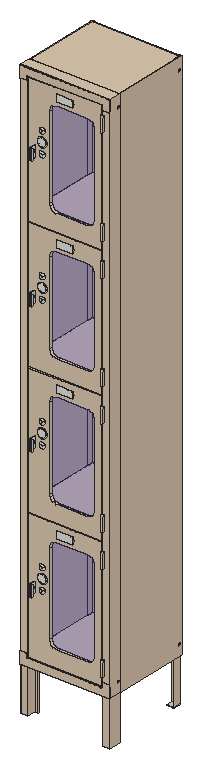
Revit family "Metal_Lockers-Salsbury_Industries-S_64000_Series-1_Wide_Units", category Specialty Equipment, Revit 2016
Family settings
  Part Type = Normal
  Round Connector Dimension = Use Diameter
  OmniClass Number = 23.40.00.00
  OmniClass Title = Equipment and Furnishings
  Work Plane-Based = No
  Always vertical = Yes
  Cut with Voids When Loaded = No
  Shared = No
  Room Calculation Point = No
Parameters (values of type "S-64162 - with Standard 6" High Legs")
  Zee Base Corner - Right Side [instance] = Metal Locker Zee Base Corner : None
  Zee Base Corner - Left Side [instance] = Metal Locker Zee Base Corner : None
  Zee Base - Right Side [instance] = Metal Locker Zee Base-Right Side : None
  Zee Base - Left Side [instance] = Metal Locker Zee Base-Left Side : None
  Zee Base = Metal Locker Zee Base : None
  Window Panel Material = Polycarbonate - Salsbury Finish - Clear
  Width = 12.040"
  Version = "3.0 (03/30/18)"
  Unit Height including Sloping Hood Only [instance] = 78.625"
  Unit Height = 72.000"
  URL = "www.lockers.com"
  Type Comments = "See-Through Metal Locker - Four Tier"
  Total Door(s) Height [instance] = 69.81949"
  Sloping Top In-Line Filler - Right Side [instance] = Metal Locker Sloping Top Filler : None
  Sloping Top In-Line Filler - Left Side [instance] = Metal Locker Sloping Top Filler : None
  Sloping Top Corner Filler - Right Side [instance] = Metal Locker Sloping Corner Filler : None
  Sloping Top Corner Filler - Left Side [instance] = Metal Locker Sloping Corner Filler : None
  Sloping Hood Height = if(Depth = 12.010", 6.625", if(Depth = 15.010", 8.682", if(Depth = 18.010", 10.739", 0.000")))  # 6.625"
  Sloping Hood [instance] = Metal Locker Sloping Hood : None
  Right Side Base [instance] = Metal Locker Right Side Base : None
  Primary Structure Material [instance] = Paint - Salsbury Finish - Tan
  Overall Width including Rivets [instance] = 12.120"
  Unit Height including Base Only [instance] = 78.000"
  Overall Unit Height (including Base and Sloping Hood) [instance] = 84.625"
  OmniClass 23 Title = "Equipment and Furnishings"
  OmniClass 23 Number = "23.40.00.00"
  Model = "S-64162"
  MasterFormat Title = "Lockers"
  MasterFormat Number = "10 51 13"
  Manufacturer = "Salsbury Industries"
  Left Side Base [instance] = Metal Locker Left Side Base : None
  Individual Door Height = 17.360"
  Hasp Plate Rivet Material = Steel -Salsbury Finish - Polished Steel
  Hasp Handle Material = Plastic - Salsbury Finish - Black
  Front Vertical Filler - Right [instance] = Metal Locker Front Filler : None
  Front Vertical Filler - Left [instance] = Metal Locker Front Filler : None
  Front Base [instance] = Metal Locker Front Base : None
  Flat Top In-Line Filler - Right Side [instance] = Metal Locker Flat Top Filler : None
  Flat Top In-Line Filler - Left Side [instance] = Metal Locker Flat Top Filler : None
  Flat Top Corner Filler - Right Side [instance] = Metal Locker Flat Corner Filler : None
  Flat Top Corner Filler - Left Side [instance] = Metal Locker Flat Corner Filler : None
  Individual Door Width [instance] = 9.90055"
  End Panel - Right Side [instance] = Metal Locker End Panel : None
  End Panel - Left Side [instance] = Metal Locker End Panel : None
  Door Window Width [instance] = 6.000"
  Door Window Offset = if(Unit Height = 72.000", 3.270", if(Unit Height = 60.000", 3.270", 0.000"))  # 3.270"
  Door Window Height = if(Unit Height = 72.000", 13.000", if(Unit Height = 60.000", 10.000", 0.000"))  # 13.000"
  Door Location D1 = See-Through Metal Locker Doors-12 inch with Latch Hasps : Four Tier Door - 6 foot
  Description = "1 Wide - 6 Feet High - 12 Inches Deep"
  Depth = 12.010"
  Compartment Divider Height = Individual Door Height - 0.375"  # 16.985"
  Base Height = 6.000"
  Standard Leg Base = Metal Locker Legs : 6" High - 12" W x 12" D
  Assembly Code = "C1030310"
Reference planes (in)
  plane 1 "Center (Front/Back)": y = 0
  plane 2: z = 0
  plane 3 "Center (Left/Right)": x = 0
  plane 4 "Floor": z = 0
  plane 5 "Bottom of Unit": z = 6
  plane 6 "Top of Unit": z = 78
  plane 7 "Left Side of Unit": x = -6.02
  plane 8 "Right Side of Unit": x = 6.02
  plane 9 "Back of Unit": y = 6.005
  plane 10 "Front of Unit": y = -6.005
  plane 11 "Top of Sloping Hood": z = 84.625
  plane 12 "Left Rivet": x = -6.06
  plane 13 "Right Rivet": x = 6.06
  plane 14 "Right Side of Door Opening": x = 5.02
  plane 15 "Left Side of Door Opening": x = -5.02
  plane 16 "Top of Door Opening": z = 77
  plane 17 "Bottom of Door Opening": z = 7
  plane 18 "Back Edge of Front Facing": y = -4.417
  plane 19 "Front Plate Plane": y = -6.065
  plane 20 "Horizontal Center of Top Rivets": z = 76.5
  plane 21 "Horiz Center of Bottom Rivets": z = 7.5
  plane 22 "Vertical Center of Back Rivets": y = 5.505
  plane 23 "Vertical Center of Front Rivets": y = -4.755
  plane 24 "Right Align Top Filler Overlap": x = 5.435
  plane 25 "Left Align Top Filler Overlap": x = -5.435
  plane 26 "Corner Filler Align-Left": x = -6.08
  plane 27 "Corner Filler Align-Right": x = 6.08
  plane 28 "Left Side of Door": x = -4.95029
  plane 29 "Right Side of Door": x = 4.95026
  plane 30 "Top of Door 1": z = 76.90976
  plane 31 "Bottom of Bottom Door": z = 7.09027
  plane 32 "Zee Base Offset": x = -5.669
  plane 33: x = 5.669
  plane 34 "Compartment Align 3": z = 24.985
  plane 35: x = -5.96
  plane 36: x = 5.96
  plane 37: x = -5.635
  plane 38: x = 5.635
  plane 39: y = 5.945
  plane 40: y = 5.895
  plane 41: y = 5.145
  plane 42: x = -5.9
  plane 43: x = 5.9
  plane 44: x = -5.095
  plane 45: x = 5.095
  plane 46: z = 77.94
  plane 47: z = 24.925
  plane 48: z = 23.985
  plane 49: z = 6.9204
  plane 50: z = 6.18539
  plane 51: z = 76.40796
  plane 52: z = 7.59204
  plane 53: z = 23.985
  plane 54: z = 24.45027
  plane 55: z = 24.57576
  plane 56: z = 41.93576
  plane 57: z = 42.06276
  plane 58: z = 41.43527
  plane 59: z = 42.37527
  plane 60 "Compartment Align 2": z = 42.43527
  plane 61: z = 53.72076
  plane 62: z = 59.42276
  plane 63: z = 59.54976
  plane 64: z = 58.92076
  plane 65: z = 59.86076
  plane 66 "Compartment Align 1": z = 59.92076
  plane 67: z = 71.20625
  plane 68: x = -2.04974
  plane 69: x = 3.95026
  plane 70: z = 22.27
  plane 71: z = 9.27
Forms (in)
  Sweep 1, solid, material "Paint - Salsbury Finish - Tan" <- "Primary Structure Material"
    path origin (0, -6.005, 0) x (1, 0, 0) y (0, 0, 1)
      loop
        line (-6.02, 78) -> (-6.02, 6) -> (6.02, 6) -> (6.02, 78) -> (-6.02, 78)
    profile origin (0, -6.005, 78) x (0, 0, 1) y (0, -1, 0)
      loop
        line (0, 0) -> (-1, 0) -> (-1, -1.588) -> (0, -1.588) -> (0, 0)
  Extrusion 2, solid, material "Paint - Salsbury Finish - Tan" <- "Primary Structure Material"
    sketch origin (0, 0, 6) x (0, -1, 0) y (1, 0, 0)
      loop
        line (4.417, 6.02) -> (-6.005, 6.02) -> (-6.005, 5.635) -> (-5.945, 5.635) -> (-5.945, 5.96) -> (4.417, 5.96) -> (4.417, 6.02)
    from 0 to 72
  Extrusion 3, solid, material "Paint - Salsbury Finish - Tan" <- "Primary Structure Material"
    sketch origin (0, 0, 6) x (0, -1, 0) y (1, 0, 0)
      loop
        line (4.417, -6.02) -> (4.417, -5.96) -> (-5.945, -5.96) -> (-5.945, -5.635) -> (-6.005, -5.635) -> (-6.005, -6.02) -> (4.417, -6.02)
    from 0 to 72
  Extrusion 4, solid, material "Paint - Salsbury Finish - Tan" <- "Primary Structure Material"
    sketch origin (0, 0, 6) x (0, -1, 0) y (1, 0, 0)
      loop
        line (-5.945, -5.96) -> (-5.145, -5.96) -> (-5.145, -5.9) -> (-5.895, -5.9) -> (-5.895, 5.9) -> (-5.145, 5.9) -> (-5.145, 5.96) -> (-5.945, 5.96) -> (-5.945, -5.96)
    from 0 to 72
  Sweep 5, solid, material "Paint - Salsbury Finish - Tan" <- "Primary Structure Material"
    path origin (0, 0, 7) x (0, -1, 0) y (1, 0, 0)
      loop
        line (4.417, -5.96) -> (4.417, 5.96) -> (-5.145, 5.96) -> (-5.145, 5.9) -> (-5.895, 5.9) -> (-5.895, -5.9) -> (-5.145, -5.9) -> (-5.145, -5.96) -> (4.417, -5.96)
    profile origin (-5.96, 0.364, 7) x (-1, 0, 0) y (0, 0, 1)
      loop
        line (0, -0.81461) -> (0, -0.0796) -> (-0.06, -0.0796) -> (-0.06, -0.81461) -> (0, -0.81461)
  Extrusion 6, solid, material "Paint - Salsbury Finish - Tan" <- "Primary Structure Material"
    sketch origin (0, 0, 7) x (0, -1, 0) y (1, 0, 0)
      loop
        line (-5.895, -5.9) -> (-5.145, -5.9) -> (-5.145, -5.96) -> (4.417, -5.96) -> (4.417, 5.96) -> (-5.145, 5.96) -> (-5.145, 5.9) -> (-5.895, 5.9) -> (-5.895, -5.9)
    from -0.0796 to 0
  Extrusion 7, solid, material "Paint - Salsbury Finish - Tan" <- "Primary Structure Material"
    sketch origin (0, 0, 78) x (0, -1, 0) y (1, 0, 0)
      loop
        line (-5.895, -5.9) -> (-5.145, -5.9) -> (-5.145, -5.96) -> (4.417, -5.96) -> (4.417, 5.96) -> (-5.145, 5.96) -> (-5.145, 5.9) -> (-5.895, 5.9) -> (-5.895, -5.9)
    from -0.06 to 0
  Extrusion 8, solid, material "Paint - Salsbury Finish - Tan" <- "Primary Structure Material"
    sketch origin (0, -6.065, 0) x (0, 0, -1) y (1, 0, 0)
      loop
        line (-78, -6.02) -> (-76.47656, -6.02)
        arc (-76.47656, -6.02) -> (-76.42806, -5.99991) -> (-76.40796, -5.9514) r 0.0686
        line (-76.40796, -5.9514) -> (-76.40796, -5.16351)
        arc (-76.40796, -5.16351) -> (-76.42809, -5.11506) -> (-76.47656, -5.095) r 0.0686
        line (-76.47656, -5.095) -> (-77, -5.095) -> (-77, 5.095) -> (-76.47656, 5.095)
        arc (-76.47656, 5.095) -> (-76.42809, 5.11506) -> (-76.40796, 5.16351) r 0.0686
        line (-76.40796, 5.16351) -> (-76.40796, 5.9514)
        arc (-76.40796, 5.9514) -> (-76.42806, 5.99991) -> (-76.47656, 6.02) r 0.0686
        line (-76.47656, 6.02) -> (-78, 6.02) -> (-78, -6.02)
    from -0.06 to 0
  Extrusion 9, solid, material "Paint - Salsbury Finish - Tan" <- "Primary Structure Material"
    sketch origin (0, -6.065, 84) x (0, 0, 1) y (-1, 0, 0)
      loop
        line (-78, 6.02) -> (-78, -6.02) -> (-76.47656, -6.02)
        arc (-76.47656, -6.02) -> (-76.42806, -5.99991) -> (-76.40796, -5.9514) r 0.0686
        line (-76.40796, -5.9514) -> (-76.40796, -5.16351)
        arc (-76.40796, -5.16351) -> (-76.42809, -5.11506) -> (-76.47656, -5.095) r 0.0686
        line (-76.47656, -5.095) -> (-77, -5.095) -> (-77, 5.095) -> (-76.47656, 5.095)
        arc (-76.47656, 5.095) -> (-76.42809, 5.11506) -> (-76.40796, 5.16351) r 0.0686
        line (-76.40796, 5.16351) -> (-76.40796, 5.9514)
        arc (-76.40796, 5.9514) -> (-76.42806, 5.99991) -> (-76.47656, 6.02) r 0.0686
        line (-76.47656, 6.02) -> (-78, 6.02)
    from -0.06 to 0
  Blend 10, solid, material "Steel -Salsbury Finish - Polished Steel" <- "Hasp Plate Rivet Material"
    base sketch origin (6.02, 0, 0) x (0, 0, -1) y (0, -1, 0)
      loop
        circle (-76.5, 4.755) r 0.187
    top sketch origin (6.02, 0, 0) x (0, 0, -1) y (0, -1, 0)
      loop
        circle (-76.5, 4.755) r 0.05319
    from 0 to -0.04
  Blend 11, solid, material "Steel -Salsbury Finish - Polished Steel" <- "Hasp Plate Rivet Material"
    base sketch origin (6.02, 0, -69) x (0, 0, -1) y (0, -1, 0)
      loop
        circle (-76.5, 4.755) r 0.187
    top sketch origin (6.02, 0, -69) x (0, 0, -1) y (0, -1, 0)
      loop
        circle (-76.5, 4.755) r 0.05319
    from 0 to -0.04
  Blend 12, solid, material "Steel -Salsbury Finish - Polished Steel" <- "Hasp Plate Rivet Material"
    base sketch origin (6.02, 10.26, -69) x (0, 0, -1) y (0, -1, 0)
      loop
        circle (-76.5, 4.755) r 0.187
    top sketch origin (6.02, 10.26, -69) x (0, 0, -1) y (0, -1, 0)
      loop
        circle (-76.5, 4.755) r 0.05319
    from 0 to -0.04
  Blend 13, solid, material "Steel -Salsbury Finish - Polished Steel" <- "Hasp Plate Rivet Material"
    base sketch origin (6.02, 10.26, 0.0043) x (0, 0, -1) y (0, -1, 0)
      loop
        circle (-76.5, 4.755) r 0.187
    top sketch origin (6.02, 10.26, 0.0043) x (0, 0, -1) y (0, -1, 0)
      loop
        circle (-76.5, 4.755) r 0.05319
    from 0 to -0.04
  Blend 14, solid, material "Steel -Salsbury Finish - Polished Steel" <- "Hasp Plate Rivet Material"
    base sketch origin (-6.02, 0, -69) x (0, 0, -1) y (0, 1, 0)
      loop
        circle (-76.5, -4.755) r 0.187
    top sketch origin (-6.02, 0, -69) x (0, 0, -1) y (0, 1, 0)
      loop
        circle (-76.5, -4.755) r 0.05319
    from 0 to -0.04
  Blend 15, solid, material "Steel -Salsbury Finish - Polished Steel" <- "Hasp Plate Rivet Material"
    base sketch origin (-6.02, 10.26, -69) x (0, 0, -1) y (0, 1, 0)
      loop
        circle (-76.5, -4.755) r 0.187
    top sketch origin (-6.02, 10.26, -69) x (0, 0, -1) y (0, 1, 0)
      loop
        circle (-76.5, -4.755) r 0.05319
    from 0 to -0.04
  Blend 16, solid, material "Steel -Salsbury Finish - Polished Steel" <- "Hasp Plate Rivet Material"
    base sketch origin (-6.02, 0, 0) x (0, 0, -1) y (0, 1, 0)
      loop
        circle (-76.5, -4.755) r 0.187
    top sketch origin (-6.02, 0, 0) x (0, 0, -1) y (0, 1, 0)
      loop
        circle (-76.5, -4.755) r 0.05319
    from 0 to -0.04
  Blend 17, solid, material "Steel -Salsbury Finish - Polished Steel" <- "Hasp Plate Rivet Material"
    base sketch origin (-6.02, 10.26, 0.00039) x (0, 0, -1) y (0, 1, 0)
      loop
        circle (-76.5, -4.755) r 0.187
    top sketch origin (-6.02, 10.26, 0.00039) x (0, 0, -1) y (0, 1, 0)
      loop
        circle (-76.5, -4.755) r 0.05319
    from 0 to -0.04
  Extrusion 18, solid, material "Paint - Salsbury Finish - Tan" <- "Primary Structure Material"
    sketch origin (0, 0, 24.985) x (0, -1, 0) y (1, 0, 0)
      loop
        line (-5.895, -5.9) -> (-5.145, -5.9) -> (-5.145, -5.96) -> (4.417, -5.96) -> (4.417, 5.96) -> (-5.145, 5.96) -> (-5.145, 5.9) -> (-5.895, 5.9) -> (-5.895, -5.9)
    from -0.06 to 0
  Sweep 19, solid, material "Paint - Salsbury Finish - Tan" <- "Primary Structure Material"
    path origin (0, 0, 24.985) x (0, -1, 0) y (1, 0, 0)
      loop
        line (4.417, -5.96) -> (4.417, 5.96) -> (-5.145, 5.96) -> (-5.145, 5.9) -> (-5.895, 5.9) -> (-5.895, -5.9) -> (-5.145, -5.9) -> (-5.145, -5.96) -> (4.417, -5.96)
    profile origin (-5.96, 0.364, 24.985) x (-1, 0, 0) y (0, 0, 1)
      loop
        line (0, -1) -> (0, -0.06) -> (-0.06, -0.06) -> (-0.06, -1) -> (0, -1)
  Extrusion 20, solid, material "Paint - Salsbury Finish - Tan" <- "Primary Structure Material"
    sketch origin (0, 0, 54.72076) x (0, -1, 0) y (1, 0, 0)
      loop
        line (-5.895, -5.9) -> (-5.145, -5.9) -> (-5.145, -5.96) -> (4.417, -5.96) -> (4.417, 5.96) -> (-5.145, 5.96) -> (-5.145, 5.9) -> (-5.895, 5.9) -> (-5.895, -5.9)
    from -12.34549 to -12.28549
  Sweep 21, solid, material "Paint - Salsbury Finish - Tan" <- "Primary Structure Material"
    path origin (0, 0, 42.43527) x (0, -1, 0) y (1, 0, 0)
      loop
        line (4.417, -5.96) -> (4.417, 5.96) -> (-5.145, 5.96) -> (-5.145, 5.9) -> (-5.895, 5.9) -> (-5.895, -5.9) -> (-5.145, -5.9) -> (-5.145, -5.96) -> (4.417, -5.96)
    profile origin (-5.96, 0.364, 42.43527) x (-1, 0, 0) y (0, 0, 1)
      loop
        line (0, -1) -> (0, -0.06) -> (-0.06, -0.06) -> (-0.06, -1) -> (0, -1)
  Extrusion 22, solid, material "Paint - Salsbury Finish - Tan" <- "Primary Structure Material"
    sketch origin (0, 0, 59.92076) x (0, -1, 0) y (1, 0, 0)
      loop
        line (-5.895, -5.9) -> (-5.145, -5.9) -> (-5.145, -5.96) -> (4.417, -5.96) -> (4.417, 5.96) -> (-5.145, 5.96) -> (-5.145, 5.9) -> (-5.895, 5.9) -> (-5.895, -5.9)
    from -0.06 to 0
  Sweep 23, solid, material "Paint - Salsbury Finish - Tan" <- "Primary Structure Material"
    path origin (0, 0, 59.92076) x (0, -1, 0) y (1, 0, 0)
      loop
        line (4.417, -5.96) -> (4.417, 5.96) -> (-5.145, 5.96) -> (-5.145, 5.9) -> (-5.895, 5.9) -> (-5.895, -5.9) -> (-5.145, -5.9) -> (-5.145, -5.96) -> (4.417, -5.96)
    profile origin (-5.96, 0.364, 59.92076) x (-1, 0, 0) y (0, 0, 1)
      loop
        line (0, -1) -> (0, -0.06) -> (-0.06, -0.06) -> (-0.06, -1) -> (0, -1)
Lines and regions (in)
  reference lines
    curve 1: line (-29.59242, -6.065, 78) -> (36.15758, -6.065, 78)
  symbolic lines
    curve 2: line (-6.02, 6.005, 78) -> (6.02, 6.005, 78)
    curve 3: line (-6.02, -6.065, 78) -> (-6.02, 6.005, 78)
    curve 4: line (6.02, -6.065, 78) -> (-6.02, -6.065, 78)
    curve 5: line (6.02, 6.005, 78) -> (6.02, -6.065, 78)
    curve 6: line (-6.06, -4.80819, 78) -> (-6.02, -4.91809, 78)
    curve 7: line (-6.02, -4.58043, 78) -> (-6.06, -4.70181, 78)
    curve 8: line (-6.06, -4.80819, 78) -> (-6.06, -4.70181, 78)
    curve 9: line (-6.06, 5.45181, 78) -> (-6.02, 5.31077, 78)
    curve 10: line (-6.06, 5.55819, 78) -> (-6.02, 5.68474, 78)
    curve 11: line (-6.06, 5.55819, 78) -> (-6.06, 5.45181, 78)
    curve 12: line (6.06, 5.55819, 78) -> (6.02, 5.70747, 78)
    curve 13: line (6.06, 5.45181, 78) -> (6.02, 5.3179, 78)
    curve 14: line (6.06, 5.55819, 78) -> (6.06, 5.45181, 78)
    curve 15: line (6.06, -4.70181, 78) -> (6.02, -4.57098, 78)
    curve 16: line (6.06, -4.80819, 78) -> (6.02, -4.94769, 78)
    curve 17: line (6.06, -4.70181, 78) -> (6.06, -4.80819, 78)
Dimensions and locks (in)
  equal spacing: plane 7 "Left Side of Unit", plane 3 "Center (Left/Right)", plane 8 "Right Side of Unit"
  "Width": plane 7 "Left Side of Unit" to plane 8 "Right Side of Unit"
  "Base Height": plane 5 "Bottom of Unit" to plane 4 "Floor"
  "Unit Height": plane 6 "Top of Unit" to plane 5 "Bottom of Unit"
  "Unit Height including Base Only": plane 6 "Top of Unit" to plane 4 "Floor"
  equal spacing: plane 10 "Front of Unit", plane 1 "Center (Front/Back)", plane 9 "Back of Unit"
  "Depth": plane 10 "Front of Unit" to plane 9 "Back of Unit"
  "Sloping Hood Height": plane 11 "Top of Sloping Hood" to plane 6 "Top of Unit"
  "Overall Unit Height (including Base and Sloping Hood)": plane 11 "Top of Sloping Hood" to plane 4 "Floor"
  locked: plane 12 "Left Rivet" to plane 7 "Left Side of Unit" at 0.04
  locked: plane 8 "Right Side of Unit" to plane 13 "Right Rivet" at 0.04
  "Overall Width including Rivets": plane 12 "Left Rivet" to plane 13 "Right Rivet"
  plane 6 "Top of Unit" to plane 16 "Top of Door Opening" to plane 30 "Top of Door 1" to plane 51 = 1.000" locked, 0.09024", 0.5018"
  plane 52 to plane 31 "Bottom of Bottom Door" to plane 17 "Bottom of Door Opening" to plane 5 "Bottom of Unit" = 0.50177", 0.09027", 1.000" locked
  plane 7 "Left Side of Unit" to plane 15 "Left Side of Door Opening" to plane 28 "Left Side of Door" = 1.000" locked, 0.06971"
  plane 29 "Right Side of Door" to plane 14 "Right Side of Door Opening" to plane 8 "Right Side of Unit" = 0.06974", 1.000" locked
  plane 19 "Front Plate Plane" to plane 10 "Front of Unit" to plane 18 "Back Edge of Front Facing" = 0.060" locked, 1.588" locked
  "Unit Height including Sloping Hood Only": plane 11 "Top of Sloping Hood" to plane 5 "Bottom of Unit"
  locked: plane 20 "Horizontal Center of Top Rivets" to plane 6 "Top of Unit" at 1.5
  locked: plane 5 "Bottom of Unit" to plane 21 "Horiz Center of Bottom Rivets" at 1.5
  locked: plane 22 "Vertical Center of Back Rivets" to plane 9 "Back of Unit" at 0.5
  locked: plane 10 "Front of Unit" to plane 23 "Vertical Center of Front Rivets" at 1.25
  locked: plane 24 "Right Align Top Filler Overlap" to plane 13 "Right Rivet" at 0.625
  locked: plane 12 "Left Rivet" to plane 25 "Left Align Top Filler Overlap" at 0.625
  locked: plane 8 "Right Side of Unit" to plane 27 "Corner Filler Align-Right" at 0.06
  locked: plane 26 "Corner Filler Align-Left" to plane 7 "Left Side of Unit" at 0.06
  "Individual Door Width": plane 28 "Left Side of Door" to plane 29 "Right Side of Door"
  "Total Door(s) Height": plane 30 "Top of Door 1" to plane 31 "Bottom of Bottom Door"
  plane 7 "Left Side of Unit" to plane 32 "Zee Base Offset" = 0.351"
  plane 33 to plane 8 "Right Side of Unit" = 0.351"
  plane 34 "Compartment Align 3" to plane 47 to plane 53 = 0.060" locked, 0.940" locked
  plane 7 "Left Side of Unit" to plane 35 to plane 42 to plane 37 = 0.060" locked, 0.060" locked, 0.265" locked
  plane 38 to plane 43 to plane 36 to plane 8 "Right Side of Unit" = 0.265" locked, 0.060", 0.060"
  plane 41 to plane 40 to plane 39 to plane 9 "Back of Unit" = 0.750" locked, 0.050", 0.060"
  locked: plane 7 "Left Side of Unit" to plane 44 at 0.925
  locked: plane 45 to plane 8 "Right Side of Unit" at 0.925
  locked: plane 6 "Top of Unit" to plane 46 at 0.06
  plane 47 to plane 48 = 0.940"
  locked: plane 17 "Bottom of Door Opening" to plane 49 at 0.0796
  plane 49 to plane 50 = 0.73501"
  "Compartment Divider Height": plane 53 to plane 17 "Bottom of Door Opening"
  "Individual Door Height": plane 54 to plane 31 "Bottom of Bottom Door"
  locked: plane 55 to plane 54 at 0.12549
  locked: plane 57 to plane 56 at 0.127
  "Individual Door Height": plane 56 to plane 55
  plane 60 "Compartment Align 2" to plane 59 to plane 58 = 0.060" locked, 0.940" locked
  locked: plane 63 to plane 62 at 0.127
  "Individual Door Height": plane 62 to plane 57
  "Compartment Divider Height": plane 58 to plane 54
  "Compartment Divider Height": plane 64 to plane 56
  plane 66 "Compartment Align 1" to plane 65 to plane 64 = 0.060", 0.940"
  "Door Window Width": plane 68 to plane 69
  "Door Window Height": plane 70 to plane 71
  "Door Window Offset": plane 71 to plane 5 "Bottom of Unit"
  aligned and locked: level to plane 2
  aligned and locked: Extrusion 2 to plane 6 "Top of Unit"
  aligned and locked: Extrusion 3 to plane 6 "Top of Unit"
  aligned and locked: Extrusion 4 to plane 6 "Top of Unit"
  aligned and locked: Extrusion 8 to plane 10 "Front of Unit"
  aligned and locked: Extrusion 9 to plane 10 "Front of Unit"
  aligned and locked: Extrusion 6 to plane 17 "Bottom of Door Opening"
  aligned and locked: plane 4 "Floor" to nested 2
  aligned and locked: plane 5 "Bottom of Unit" to Extrusion 9
  aligned and locked: plane 8 "Right Side of Unit" to nested 6
  aligned and locked: plane 7 "Left Side of Unit" to nested 7
  aligned and locked: Blend 10 to plane 13 "Right Rivet"
  aligned and locked: plane 8 "Right Side of Unit" to Blend 10
  aligned and locked: Blend 15 to plane 7 "Left Side of Unit"
  aligned and locked: Blend 14 to plane 7 "Left Side of Unit"  (x2)
  aligned and locked: plane 12 "Left Rivet" to Blend 14
  aligned and locked: plane 12 "Left Rivet" to Blend 15
  aligned and locked: Blend 14 to plane 12 "Left Rivet"
  aligned and locked: Blend 17 to plane 7 "Left Side of Unit"
  aligned and locked: plane 12 "Left Rivet" to Blend 17
  aligned and locked: Blend 16 to plane 7 "Left Side of Unit"
  aligned and locked: plane 12 "Left Rivet" to Blend 16
  aligned and locked: plane 5 "Bottom of Unit" to nested 10
  aligned and locked: plane 13 "Right Rivet" to nested 10
  aligned and locked: plane 12 "Left Rivet" to nested 11
  aligned and locked: nested 11 to plane 10 "Front of Unit"
  aligned and locked: plane 13 "Right Rivet" to nested 12
  aligned and locked: plane 10 "Front of Unit" to nested 12
  aligned and locked: plane 6 "Top of Unit" to nested 12
  aligned and locked: plane 12 "Left Rivet" to nested 13
  aligned and locked: plane 10 "Front of Unit" to nested 13
  aligned and locked: plane 6 "Top of Unit" to nested 13
  aligned and locked: plane 6 "Top of Unit" to nested 14
  aligned and locked: nested 14 to plane 19 "Front Plate Plane"
  aligned and locked: nested 14 to plane 24 "Right Align Top Filler Overlap"
  aligned and locked: nested 15 to plane 25 "Left Align Top Filler Overlap"
  aligned and locked: nested 15 to plane 19 "Front Plate Plane"
  aligned and locked: nested 10 to nested 15
  aligned and locked: plane 19 "Front Plate Plane" to nested 16
  aligned and locked: plane 6 "Top of Unit" to nested 16
  aligned and locked: nested 17 to plane 6 "Top of Unit"
  aligned and locked: nested 17 to plane 19 "Front Plate Plane"
  aligned and locked: plane 19 "Front Plate Plane" to nested 18
  aligned and locked: nested 19 to plane 24 "Right Align Top Filler Overlap"
  aligned and locked: nested 19 to plane 19 "Front Plate Plane"
  aligned and locked: plane 16 "Top of Door Opening" to nested 19
  aligned and locked: nested 20 to plane 16 "Top of Door Opening"
  aligned and locked: nested 20 to plane 25 "Left Align Top Filler Overlap"
  aligned and locked: nested 20 to plane 19 "Front Plate Plane"
  aligned and locked: nested 11 to plane 6 "Top of Unit"
  aligned and locked: plane 10 "Front of Unit" to nested 10
  aligned and locked: plane 10 "Front of Unit" to nested 23
  aligned and locked: plane 10 "Front of Unit" to nested 1
  aligned and locked: plane 10 "Front of Unit" to nested 2
  aligned and locked: plane 6 "Top of Unit" to nested 18
  aligned and locked: plane 7 "Left Side of Unit" to nested 17
  aligned and locked: plane 32 "Zee Base Offset" to nested 9
  aligned and locked: plane 18 "Back Edge of Front Facing" to nested 9
  aligned and locked: nested 8 to plane 18 "Back Edge of Front Facing"
  aligned and locked: plane 33 to nested 8
  aligned and locked: plane 8 "Right Side of Unit" to nested 21
  aligned and locked: nested 22 to plane 7 "Left Side of Unit"
  aligned and locked: nested 22 to curve 1
  aligned and locked: nested 21 to curve 1
  aligned and locked: Sweep 19 sketch curve to Extrusion 18
  aligned and locked: plane 7 "Left Side of Unit" to Extrusion 3
  aligned and locked: Extrusion 3 to plane 9 "Back of Unit"
  aligned and locked: Extrusion 2 to plane 8 "Right Side of Unit"
  aligned and locked: Extrusion 2 to plane 9 "Back of Unit"
  aligned and locked: plane 18 "Back Edge of Front Facing" to Extrusion 3
  aligned and locked: plane 18 "Back Edge of Front Facing" to Extrusion 2
  aligned and locked: plane 35 to Extrusion 3
  aligned and locked: plane 36 to Extrusion 2
  aligned and locked: plane 37 to Extrusion 3
  aligned and locked: plane 38 to Extrusion 2
  aligned and locked: plane 39 to Extrusion 3
  aligned and locked: plane 39 to Extrusion 2
  aligned and locked: Extrusion 4 to plane 39
  aligned and locked: plane 40 to Extrusion 4
  aligned and locked: plane 35 to Extrusion 4
  aligned and locked: plane 41 to Extrusion 4  (x2)
  aligned and locked: plane 42 to Extrusion 4
  aligned and locked: plane 43 to Extrusion 4
  aligned and locked: Extrusion 7 to plane 40
  aligned and locked: plane 42 to Extrusion 7
  aligned and locked: plane 35 to Extrusion 7  (x2)
  aligned and locked: Extrusion 7 to plane 41  (x2)
  aligned and locked: Extrusion 7 to plane 43
  aligned and locked: Extrusion 7 to plane 36  (x2)
  aligned and locked: plane 18 "Back Edge of Front Facing" to Extrusion 7
  aligned and locked: plane 18 "Back Edge of Front Facing" to Extrusion 6
  aligned and locked: Extrusion 6 to plane 40
  aligned and locked: Extrusion 6 to plane 43
  aligned and locked: Extrusion 6 to plane 41  (x2)
  aligned and locked: Extrusion 6 to plane 36
  aligned and locked: plane 42 to Extrusion 6
  aligned and locked: plane 35 to Extrusion 6
  aligned and locked: Sweep 5 to plane 40
  aligned and locked: Sweep 5 to plane 41  (x2)
  aligned and locked: Sweep 5 to plane 43
  aligned and locked: Sweep 5 to plane 36
  aligned and locked: plane 18 "Back Edge of Front Facing" to Sweep 5
  aligned and locked: plane 35 to Sweep 5
  aligned and locked: plane 42 to Sweep 5
  aligned and locked: Sweep 5 sketch curve to plane 42
  aligned and locked: plane 40 to Sweep 5 sketch curve
  aligned and locked: plane 41 to Sweep 5 sketch curve  (x2)
  aligned and locked: Sweep 5 sketch curve to plane 35  (x2)
  aligned and locked: plane 43 to Sweep 5 sketch curve
  aligned and locked: plane 36 to Sweep 5 sketch curve
  aligned and locked: Sweep 5 sketch curve to plane 18 "Back Edge of Front Facing"
  aligned and locked: Extrusion 18 to plane 40
  aligned and locked: Extrusion 18 to plane 43
  aligned and locked: Extrusion 18 to plane 41  (x2)
  aligned and locked: Extrusion 18 to plane 36
  aligned and locked: plane 18 "Back Edge of Front Facing" to Extrusion 18
  aligned and locked: plane 35 to Extrusion 18
  aligned and locked: plane 42 to Extrusion 18
  aligned and locked: plane 40 to Sweep 19 sketch curve
  aligned and locked: plane 43 to Sweep 19 sketch curve
  aligned and locked: plane 41 to Sweep 19 sketch curve  (x2)
  aligned and locked: plane 36 to Sweep 19 sketch curve
  aligned and locked: Sweep 19 sketch curve to plane 18 "Back Edge of Front Facing"
  aligned and locked: Sweep 19 sketch curve to plane 35  (x2)
  aligned and locked: Sweep 19 sketch curve to plane 42
  aligned and locked: plane 6 "Top of Unit" to Sweep 1 sketch curve  (x2)
  aligned and locked: Sweep 1 sketch curve to plane 7 "Left Side of Unit"
  aligned and locked: plane 8 "Right Side of Unit" to Sweep 1 sketch curve
  aligned and locked: Sweep 1 sketch curve to plane 5 "Bottom of Unit"
  aligned and locked: plane 10 "Front of Unit" to Sweep 1
  aligned and locked: Extrusion 8 to plane 19 "Front Plate Plane"
  aligned and locked: plane 10 "Front of Unit" to Extrusion 8
  aligned and locked: Extrusion 8 to plane 8 "Right Side of Unit"
  aligned and locked: plane 7 "Left Side of Unit" to Extrusion 8
  aligned and locked: plane 7 "Left Side of Unit" to Extrusion 9
  aligned and locked: plane 19 "Front Plate Plane" to Extrusion 9
  aligned and locked: Extrusion 9 to plane 8 "Right Side of Unit"
  aligned and locked: plane 44 to Extrusion 9
  aligned and locked: plane 45 to Extrusion 9
  aligned and locked: plane 45 to Extrusion 8
  aligned and locked: Extrusion 8 to plane 44
  aligned and locked: plane 29 "Right Side of Door" to nested 23
  aligned and locked: plane 18 "Back Edge of Front Facing" to Sweep 1 sketch curve
  aligned and locked: Sweep 1 sketch curve to plane 16 "Top of Door Opening"
  aligned and locked: Sweep 1 sketch curve to plane 10 "Front of Unit"
  aligned and locked: plane 5 "Bottom of Unit" to Extrusion 4
  aligned and locked: Extrusion 4 to plane 36
  aligned and locked: plane 5 "Bottom of Unit" to Extrusion 3
  aligned and locked: plane 5 "Bottom of Unit" to Extrusion 2
  aligned and locked: Extrusion 7 to plane 6 "Top of Unit"
  aligned and locked: plane 46 to Extrusion 7
  aligned and locked: Extrusion 18 to plane 34 "Compartment Align 3"
  aligned and locked: plane 47 to Extrusion 18
  aligned and locked: plane 42 to Sweep 19 sketch curve
  aligned and locked: plane 48 to Sweep 19 sketch curve
  aligned and locked: plane 49 to Extrusion 6
  aligned and locked: Sweep 5 to plane 49
  aligned and locked: plane 50 to Sweep 5 sketch curve
  aligned and locked: plane 49 to Sweep 5 sketch curve
  aligned and locked: plane 42 to Sweep 5 sketch curve
  aligned and locked: plane 51 to Extrusion 8  (x2)
  aligned and locked: Extrusion 8 to plane 6 "Top of Unit"
  aligned and locked: plane 16 "Top of Door Opening" to Extrusion 8
  aligned and locked: Extrusion 9 to plane 17 "Bottom of Door Opening"
  aligned and locked: plane 52 to Extrusion 9
  aligned and locked: Extrusion 9 to plane 52
  aligned and locked: plane 4 "Floor" to nested 1
  aligned and locked: plane 8 "Right Side of Unit" to nested 1
  aligned and locked: Blend 12 to plane 13 "Right Rivet"
  aligned and locked: plane 8 "Right Side of Unit" to Blend 12
  aligned and locked: plane 8 "Right Side of Unit" to Blend 13
  aligned and locked: Blend 13 to plane 13 "Right Rivet"
  aligned and locked: plane 8 "Right Side of Unit" to Blend 11
  aligned and locked: Blend 11 to plane 13 "Right Rivet"
  aligned and locked: nested 22 to curve 3
  aligned and locked: curve 4 to Extrusion 8
  aligned and locked: curve 5 to Extrusion 8
  aligned and locked: curve 8 to Blend 14
  aligned and locked: curve 11 to Blend 15
  aligned and locked: curve 14 to Blend 12
  aligned and locked: curve 17 to Blend 10
  aligned and locked: plane 53 to Sweep 19
  aligned and locked: nested 23 to plane 31 "Bottom of Bottom Door"
  aligned and locked: plane 55 to nested 24
  aligned and locked: plane 10 "Front of Unit" to nested 24
  aligned and locked: plane 29 "Right Side of Door" to nested 24
  aligned and locked: plane 29 "Right Side of Door" to nested 25
  aligned and locked: nested 25 to plane 57
  aligned and locked: Sweep 21 sketch curve to Extrusion 20
  aligned and locked: Extrusion 20 to plane 60 "Compartment Align 2"
  aligned and locked: plane 59 to Sweep 21
  aligned and locked: Sweep 21 sketch curve to plane 58
  aligned and locked: Extrusion 20 sketch curve to plane 40
  aligned and locked: plane 35 to Extrusion 20 sketch curve
  aligned and locked: plane 42 to Extrusion 20 sketch curve
  aligned and locked: Extrusion 20 sketch curve to plane 41  (x2)
  aligned and locked: plane 18 "Back Edge of Front Facing" to Extrusion 20 sketch curve
  aligned and locked: Extrusion 20 sketch curve to plane 36
  aligned and locked: Extrusion 20 sketch curve to plane 43
  aligned and locked: plane 40 to Sweep 21 sketch curve
  aligned and locked: Sweep 21 sketch curve to plane 42
  aligned and locked: Sweep 21 sketch curve to plane 35
  aligned and locked: plane 41 to Sweep 21 sketch curve  (x2)
  aligned and locked: Sweep 21 sketch curve to plane 18 "Back Edge of Front Facing"
  aligned and locked: plane 36 to Sweep 21 sketch curve
  aligned and locked: plane 43 to Sweep 21 sketch curve
  aligned and locked: plane 63 to nested 26
  aligned and locked: plane 65 to Extrusion 22
  aligned and locked: Extrusion 22 to plane 66 "Compartment Align 1"
  aligned and locked: Sweep 23 sketch curve to plane 64
  aligned and locked: plane 65 to Sweep 23 sketch curve
  aligned and locked: Sweep 23 sketch curve to plane 35
  aligned and locked: plane 41 to Sweep 23 sketch curve  (x2)
  aligned and locked: Sweep 23 sketch curve to plane 42
  aligned and locked: plane 40 to Sweep 23 sketch curve
  aligned and locked: plane 43 to Sweep 23 sketch curve
  aligned and locked: plane 36 to Sweep 23 sketch curve
  aligned and locked: Sweep 23 sketch curve to plane 18 "Back Edge of Front Facing"
  aligned and locked: Extrusion 22 to nested 5  (x3)
  aligned and locked: Extrusion 22 to plane 41  (x2)
  aligned and locked: Extrusion 22 to Sweep 23  (x2)
  aligned and locked: plane 18 "Back Edge of Front Facing" to Extrusion 22
  aligned and locked: plane 29 "Right Side of Door" to nested 26
  aligned and locked: plane 10 "Front of Unit" to nested 26
  aligned and locked: plane 10 "Front of Unit" to nested 25
  aligned and locked: plane 9 "Back of Unit" to curve 2
  aligned and locked: plane 8 "Right Side of Unit" to nested 16
  aligned and locked: plane 8 "Right Side of Unit" to nested 3
  aligned and locked: plane 7 "Left Side of Unit" to nested 4
Automatic sketch dimensions
  Extrusion 2 sketch curve to plane 8 "Right Side of Unit" = 0.000"
  plane 9 "Back of Unit" to Extrusion 2 sketch curve = 0.000"
  Extrusion 2 sketch curve to plane 38 = 0.000"
  plane 39 to Extrusion 2 sketch curve = 0.000"
  plane 18 "Back Edge of Front Facing" to Extrusion 2 sketch curve = 0.000"
  Extrusion 2 sketch curve to plane 36 = 0.000"
  Extrusion 3 sketch curve to plane 7 "Left Side of Unit" = 0.000"
  plane 9 "Back of Unit" to Extrusion 3 sketch curve = 0.000"
  Extrusion 3 sketch curve to plane 37 = 0.000"
  plane 39 to Extrusion 3 sketch curve = 0.000"
  plane 18 "Back Edge of Front Facing" to Extrusion 3 sketch curve = 0.000"
  Extrusion 3 sketch curve to plane 35 = 0.000"
  Extrusion 4 sketch curve to plane 35 = 0.000"
  plane 39 to Extrusion 4 sketch curve = 0.000"
  plane 40 to Extrusion 4 sketch curve = 0.000"
  plane 41 to Extrusion 4 sketch curve = 0.000"  (x2)
  Extrusion 4 sketch curve to plane 42 = 0.000"
  Extrusion 4 sketch curve to plane 43 = 0.000"
  Extrusion 4 sketch curve to plane 36 = 0.000"
  plane 40 to Extrusion 6 sketch curve = 0.000"
  Extrusion 6 sketch curve to plane 35 = 0.000"
  plane 41 to Extrusion 6 sketch curve = 0.000"  (x2)
  plane 18 "Back Edge of Front Facing" to Extrusion 6 sketch curve = 0.000"
  Extrusion 6 sketch curve to plane 42 = 0.000"
  Extrusion 6 sketch curve to plane 43 = 0.000"
  Extrusion 6 sketch curve to plane 36 = 0.000"
  plane 40 to Extrusion 7 sketch curve = 0.000"
  Extrusion 7 sketch curve to plane 35 = 0.000"
  plane 41 to Extrusion 7 sketch curve = 0.000"  (x2)
  plane 18 "Back Edge of Front Facing" to Extrusion 7 sketch curve = 0.000"
  Extrusion 7 sketch curve to plane 42 = 0.000"
  Extrusion 7 sketch curve to plane 43 = 0.000"
  Extrusion 7 sketch curve to plane 36 = 0.000"
  Extrusion 8 sketch curve to plane 6 "Top of Unit" = 0.000"
  Extrusion 8 sketch curve to plane 16 "Top of Door Opening" = 0.000"
  plane 44 to Extrusion 8 sketch curve = 0.000"
  plane 7 "Left Side of Unit" to Extrusion 8 sketch curve = 0.000"
  plane 45 to Extrusion 8 sketch curve = 0.000"
  plane 8 "Right Side of Unit" to Extrusion 8 sketch curve = 0.000"
  Extrusion 8 sketch curve to plane 51 = 0.000"  (x2)
  plane 20 "Horizontal Center of Top Rivets" to Extrusion 8 sketch curve = 0.02344"  (x4)
  Extrusion 8 sketch curve to Extrusion 8 sketch curve = 0.0686"
  Extrusion 8 sketch curve to plane 45 = 0.06851"
  Extrusion 9 sketch curve to plane 5 "Bottom of Unit" = 0.000"
  Extrusion 9 sketch curve to plane 17 "Bottom of Door Opening" = 0.000"
  plane 44 to Extrusion 9 sketch curve = 0.000"
  plane 7 "Left Side of Unit" to Extrusion 9 sketch curve = 0.000"
  plane 45 to Extrusion 9 sketch curve = 0.000"
  plane 8 "Right Side of Unit" to Extrusion 9 sketch curve = 0.000"
  Extrusion 9 sketch curve to plane 52 = 0.000"  (x2)
  plane 21 "Horiz Center of Bottom Rivets" to Extrusion 9 sketch curve = 0.02344"  (x4)
  Extrusion 9 sketch curve to Extrusion 9 sketch curve = 0.0686"
  plane 45 to Extrusion 9 sketch curve = 0.06851"
  plane 20 "Horizontal Center of Top Rivets" to Blend 10 sketch curve = 0.000"  (x2)
  Blend 10 sketch curve to plane 23 "Vertical Center of Front Rivets" = 0.000"  (x2)
  plane 21 "Horiz Center of Bottom Rivets" to Blend 11 sketch curve = 0.000"  (x2)
  Blend 11 sketch curve to plane 23 "Vertical Center of Front Rivets" = 0.000"  (x2)
  plane 21 "Horiz Center of Bottom Rivets" to Blend 12 sketch curve = 0.000"  (x2)
  Blend 12 sketch curve to plane 22 "Vertical Center of Back Rivets" = 0.000"  (x2)
  Blend 13 sketch curve to plane 22 "Vertical Center of Back Rivets" = 0.000"  (x2)
  Blend 13 sketch curve to plane 20 "Horizontal Center of Top Rivets" = 0.0043"  (x2)
  plane 21 "Horiz Center of Bottom Rivets" to Blend 14 sketch curve = 0.000"  (x2)
  Blend 14 sketch curve to plane 23 "Vertical Center of Front Rivets" = 0.000"  (x2)
  plane 21 "Horiz Center of Bottom Rivets" to Blend 15 sketch curve = 0.000"  (x2)
  Blend 15 sketch curve to plane 22 "Vertical Center of Back Rivets" = 0.000"  (x2)
  plane 20 "Horizontal Center of Top Rivets" to Blend 16 sketch curve = 0.000"  (x2)
  Blend 16 sketch curve to plane 23 "Vertical Center of Front Rivets" = 0.000"  (x2)
  Blend 17 sketch curve to plane 22 "Vertical Center of Back Rivets" = 0.000"  (x2)
  Blend 17 sketch curve to plane 20 "Horizontal Center of Top Rivets" = 0.00039"  (x2)
  plane 19 "Front Plate Plane" to curve 1 = 0.000"
  plane 26 "Corner Filler Align-Left" to curve 1 = 23.51242"
  curve 1 to plane 27 "Corner Filler Align-Right" = 30.07758"
  plane 40 to Extrusion 18 sketch curve = 0.000"
  Extrusion 18 sketch curve to plane 35 = 0.000"
  plane 41 to Extrusion 18 sketch curve = 0.000"  (x2)
  plane 18 "Back Edge of Front Facing" to Extrusion 18 sketch curve = 0.000"
  Extrusion 18 sketch curve to plane 42 = 0.000"
  Extrusion 18 sketch curve to plane 43 = 0.000"
  Extrusion 18 sketch curve to plane 36 = 0.000"
  Sweep 21 sketch curve to profile plane = 0.000"
  Sweep 21 sketch curve to Sweep 21 sketch curve = 0.060"
  Sweep 23 sketch curve to profile plane = 0.000"
  Sweep 23 sketch curve to Sweep 23 sketch curve = 0.060"
  plane 40 to Extrusion 22 sketch curve = 0.000"
  Extrusion 22 sketch curve to plane 35 = 0.000"
  plane 41 to Extrusion 22 sketch curve = 0.000"  (x2)
  Extrusion 22 sketch curve to plane 18 "Back Edge of Front Facing" = 0.000"
  Extrusion 22 sketch curve to plane 42 = 0.000"
  plane 43 to Extrusion 22 sketch curve = 0.000"
  plane 36 to Extrusion 22 sketch curve = 0.000"
  curve 11 to plane 22 "Vertical Center of Back Rivets" = 0.05319"
  curve 14 to plane 22 "Vertical Center of Back Rivets" = 0.05319"
  plane 22 "Vertical Center of Back Rivets" to curve 9 = 0.05319"
  plane 22 "Vertical Center of Back Rivets" to curve 13 = 0.05319"
  curve 17 to plane 23 "Vertical Center of Front Rivets" = 0.05319"
  curve 8 to plane 23 "Vertical Center of Front Rivets" = 0.05319"
  plane 23 "Vertical Center of Front Rivets" to curve 8 = 0.05319"
  plane 23 "Vertical Center of Front Rivets" to curve 17 = 0.05319"
  curve 12 to curve 12 = 0.14928"
  curve 10 to curve 10 = 0.12655"
  curve 13 to curve 13 = 0.13391"
  curve 9 to curve 9 = 0.14104"
  curve 15 to curve 15 = 0.13083"
  curve 7 to curve 7 = 0.12138"
  curve 6 to curve 6 = 0.1099"
  curve 16 to curve 16 = 0.1395"
  radius of Blend 10 sketch curve = 0.187"
  radius of Blend 10 sketch curve = 0.05319"
  radius of Blend 11 sketch curve = 0.187"
  radius of Blend 11 sketch curve = 0.05319"
  radius of Blend 12 sketch curve = 0.187"
  radius of Blend 12 sketch curve = 0.05319"
  radius of Blend 13 sketch curve = 0.187"
  radius of Blend 13 sketch curve = 0.05319"
  radius of Blend 14 sketch curve = 0.187"
  radius of Blend 14 sketch curve = 0.05319"
  radius of Blend 15 sketch curve = 0.187"
  radius of Blend 15 sketch curve = 0.05319"
  radius of Blend 16 sketch curve = 0.187"
  radius of Blend 16 sketch curve = 0.05319"
  radius of Blend 17 sketch curve = 0.187"
  radius of Blend 17 sketch curve = 0.05319"
Nested families (in)
  nested 1: "Metal Locker Legs" at (0, 0, 0), type <- "Standard Leg Base", type "6" High - 12" W x 12" D"
  nested 2: "Metal Locker Front Base" at (0, 0, 0), type <- "Front Base", type "None"
  nested 3: "Metal Locker Right Side Base" at (0, 0.794, 0), type <- "Right Side Base", type "None"
  nested 4: "Metal Locker Left Side Base" at (-10.79, 0.794, 0), type <- "Left Side Base", type "None"
  nested 5: "Metal Locker Zee Base" at (0, 0, 0), type <- "Zee Base", type "None"
  nested 6: "Metal Locker Zee Base-Right Side" at (0.03, 0.824, 0), type <- "Zee Base - Right Side", type "None"
  nested 7: "Metal Locker Zee Base-Left Side" at (-8.01, 0.824, 0), type <- "Zee Base - Left Side", type "None"
  nested 8: "Metal Locker Zee Base Corner" at (6.669, -5.417, 0), type <- "Zee Base Corner - Right Side", type "None"
  nested 9: "Metal Locker Zee Base Corner" at (-6.669, -5.417, 0) x (-1, 0, 0) z (0, 0, 1), type <- "Zee Base Corner - Left Side", type "None"
  nested 10: "Metal Locker End Panel" at (10.1925, 2.167, 6), type <- "End Panel - Right Side", type "None"
  nested 11: "Metal Locker End Panel" at (-10.1925, 2.167, 6) x (-1, 0, 0) z (0, 0, 1), type <- "End Panel - Left Side", type "None"
  nested 12: "Metal Locker Front Filler" at (18.155, -3.088, 0), type <- "Front Vertical Filler - Right", type "None"
  nested 13: "Metal Locker Front Filler" at (-8.965, -3.088, 0), type <- "Front Vertical Filler - Left", type "None"
  nested 14: "Metal Locker Flat Top Filler" at (18.155, 2.113, 77.045), type <- "Flat Top In-Line Filler - Right Side", type "None"
  nested 15: "Metal Locker Flat Top Filler" at (-8.965, 2.113, 77.045), type <- "Flat Top In-Line Filler - Left Side", type "None"
  nested 16: "Metal Locker Flat Corner Filler" at (16.3025, 1.7895, 78), type <- "Flat Top Corner Filler - Right Side", type "None"
  nested 17: "Metal Locker Flat Corner Filler" at (-16.3025, 1.7895, 78) x (-1, 0, 0) z (0, 0, 1), type <- "Flat Top Corner Filler - Left Side", type "None"
  nested 18: "Metal Locker Sloping Hood" at (4.595, 2.137, 78), type <- "Sloping Hood", type "None"
  nested 19: "Metal Locker Sloping Top Filler" at (18.155, 2.113, 78.028), type <- "Sloping Top In-Line Filler - Right Side", type "None"
  nested 20: "Metal Locker Sloping Top Filler" at (-8.965, 2.113, 78.028), type <- "Sloping Top In-Line Filler - Left Side", type "None"
  nested 21: "Metal Locker Sloping Corner Filler" at (13.9095, -4.9375, 77.71202) x (0, -1, 0) z (0, 0, 1), type <- "Sloping Top Corner Filler - Right Side", type "None"
  nested 22: "Metal Locker Sloping Corner Filler" at (-7.1475, 1.8245, 77.71223), type <- "Sloping Top Corner Filler - Left Side", type "None"
  nested 23: "See-Through Metal Locker Doors-12 inch with Latch Hasps" at (-0.00024, -5.83, 7.09027), type <- "Door Location D1", type "Four Tier Door - 6 foot"
  nested 24: "See-Through Metal Locker Doors-12 inch with Latch Hasps" at (-0.00024, -5.83, 24.57576), type <- "Door Location D1", type "Four Tier Door - 6 foot"
  nested 25: "See-Through Metal Locker Doors-12 inch with Latch Hasps" at (-0.00024, -5.83, 42.06276), type <- "Door Location D1", type "Four Tier Door - 6 foot"
  nested 26: "See-Through Metal Locker Doors-12 inch with Latch Hasps" at (-0.00024, -5.83, 59.54976), type <- "Door Location D1", type "Four Tier Door - 6 foot"
Definition of nested family "Metal Locker Legs"
  Parameters (values of type "6" High - 12"W x 18"D - Bridge")
    Width = 12.007"
    Visible = yes
    Version = "1.0 (11/30/15)"
    Type Comments = "Standard Metal Locker Legs - Bridge"
    Primary Structure Material = none
    Model = "n/a"
    MasterFormat Title = ""
    MasterFormat Number = ""
    Manufacturer = "Salsbury Industries"
    Description = "12\"W x 6\" H x 18\"D"
    Depth = 18.010"
    Height = 6.000"
    Assembly Code = ""
  Types (7): name | Width | Visible | Type Comments | Description | Depth
    6" High - 12" W x 12" D | 12.040" | yes | "Standard Metal Locker Legs" | "12\"W x 6\" H x 12\"D" | 12.010"
    6" High - 12" W x 15" D | 12.040" | yes | "Standard Metal Locker Legs" | "12\"W x 6\" H x 15\"D" | 15.010"
    6" High - 12"W x 18"D | 12.040" | yes | "Standard Metal Locker Legs" | "12\"W x 6\" H x 18\"D" | 18.010"
    6" High - 15"W x 15"D | 15.040" | yes | "Standard Metal Locker Legs" | "15\"W x 6\" H x 15\"D" | 15.010"
    6" High - 15"W x 18"D | 15.040" | yes | "Standard Metal Locker Legs" | "15\"W x 6\" H x 18\"D" | 18.010"
    No Legs | 12.040" | no | "No Legs" | "" | 12.010"
    6" High - 12"W x 18"D - Bridge | 12.007" | yes | "Standard Metal Locker Legs - Bridge" | "12\"W x 6\" H x 18\"D" | 18.010"
  Reference planes (in)
    plane 1 "Center (Front/Back)": y = 0
    plane 2: z = 0
    plane 3 "Center (Left/Right)": x = 0
    plane 4 "Floor": z = 0
    plane 5 "Bottom of Unit": z = 6
    plane 6 "Left Side of Unit": x = -6.0035
    plane 7 "Right Side of Unit": x = 6.0035
    plane 8 "Back of Unit": y = 9.005
    plane 9 "Front of Unit": y = -9.005
    plane 10 "Right Side of Door Opening": x = 5.0035
    plane 11 "Left Side of Door Opening": x = -5.0035
    plane 12 "Top of back legs": z = 6.185
    plane 13 "Back Edge of Front Facing": y = -7.417
    plane 14 "Inside Edge of Front Leg": x = -4.5635
    plane 15 "Inside Edge of Right Leg": x = 4.5635
    plane 16: y = -7.82
    plane 17 "Back Edge of Rear Legs": y = 8.895
    plane 18 "Right Edge of Rear Right Leg": x = 5.8835
    plane 19 "Left Edge or Rear Left Leg": x = -5.8835
    plane 20: y = 7.895
    plane 21 "Inside Edge or Rear Right Leg": x = 4.8835
    plane 22 "Inside Edge or Left Rear Leg": x = -4.8835
  Forms (in)
    Extrusion 1, solid, material <- "Primary Structure Material", visible <- "Visible"
      sketch origin (0, 0, 0) x (0, -1, 0) y (1, 0, 0)
        loop
          line (7.417, 6.0035) -> (7.417, 5.9435) -> (8.945, 5.9435) -> (8.945, 5.0635) -> (7.76, 5.0635) -> (7.76, 4.5635) -> (7.82, 4.5635) -> (7.82, 5.0035) -> (9.005, 5.0035) -> (9.005, 6.0035) -> (7.417, 6.0035)
      from 0 to 6
    Extrusion 2, solid, material <- "Primary Structure Material", visible <- "Visible"
      sketch origin (0, 0, 0) x (0, -1, 0) y (1, 0, 0)
        loop
          line (7.417, -6.0035) -> (9.005, -6.0035) -> (9.005, -5.0035) -> (7.82, -5.0035) -> (7.82, -4.5635) -> (7.76, -4.5635) -> (7.76, -5.0635) -> (8.945, -5.0635) -> (8.945, -5.9435) -> (7.417, -5.9435) -> (7.417, -6.0035)
      from 0 to 6
    Extrusion 3, solid, material <- "Primary Structure Material", visible <- "Visible"
      sketch origin (0, 0, 0) x (0, -1, 0) y (1, 0, 0)
        loop
          line (-8.895, 5.8835) -> (-8.895, 4.8835) -> (-8.835, 4.8835) -> (-8.835, 5.8235) -> (-7.895, 5.8235) -> (-7.895, 5.8835) -> (-8.895, 5.8835)
      from 0.06 to 6.185
    Extrusion 4, solid, material <- "Primary Structure Material", visible <- "Visible"
      sketch origin (0, 0, 0) x (0, -1, 0) y (1, 0, 0)
        loop
          line (-8.895, 5.8835) -> (-8.895, 4.8835) -> (-7.895, 4.8835) -> (-7.895, 5.8835) -> (-8.895, 5.8835)
      from 0 to 0.06
    Extrusion 5, solid, material <- "Primary Structure Material", visible <- "Visible"
      sketch origin (0, 0, 0) x (0, -1, 0) y (1, 0, 0)
        loop
          line (-8.895, -5.8835) -> (-7.895, -5.8835) -> (-7.895, -5.8235) -> (-8.835, -5.8235) -> (-8.835, -4.8835) -> (-8.895, -4.8835) -> (-8.895, -5.8835)
      from 0.06 to 6.185
    Extrusion 6, solid, material <- "Primary Structure Material", visible <- "Visible"
      sketch origin (0, 0, 0) x (0, -1, 0) y (1, 0, 0)
        loop
          line (-8.895, -5.8835) -> (-7.895, -5.8835) -> (-7.895, -4.8835) -> (-8.895, -4.8835) -> (-8.895, -5.8835)
      from 0 to 0.06
  Dimensions and locks (in)
    equal spacing: plane 6 "Left Side of Unit", plane 3 "Center (Left/Right)", plane 7 "Right Side of Unit"
    "Width": plane 6 "Left Side of Unit" to plane 7 "Right Side of Unit"
    "Height": plane 5 "Bottom of Unit" to plane 4 "Floor"
    equal spacing: plane 9 "Front of Unit", plane 1 "Center (Front/Back)", plane 8 "Back of Unit"
    "Depth": plane 9 "Front of Unit" to plane 8 "Back of Unit"
    plane 12 "Top of back legs" to plane 5 "Bottom of Unit" = 0.185"
    plane 6 "Left Side of Unit" to plane 11 "Left Side of Door Opening" = 1.000"
    plane 10 "Right Side of Door Opening" to plane 7 "Right Side of Unit" = 1.000"
    locked: plane 9 "Front of Unit" to plane 13 "Back Edge of Front Facing" at 1.588
    plane 11 "Left Side of Door Opening" to plane 14 "Inside Edge of Front Leg" = 0.440"
    plane 15 "Inside Edge of Right Leg" to plane 10 "Right Side of Door Opening" = 0.440"
    plane 9 "Front of Unit" to plane 16 = 1.185"
    plane 15 "Inside Edge of Right Leg" to plane 21 "Inside Edge or Rear Right Leg" to plane 10 "Right Side of Door Opening" to plane 18 "Right Edge of Rear Right Leg" to plane 7 "Right Side of Unit" = 0.320", 0.120", 0.880", 0.120"
    plane 6 "Left Side of Unit" to plane 19 "Left Edge or Rear Left Leg" to plane 11 "Left Side of Door Opening" to plane 22 "Inside Edge or Left Rear Leg" to plane 14 "Inside Edge of Front Leg" = 0.120", 0.880", 0.120", 0.320"
    plane 20 to plane 17 "Back Edge of Rear Legs" to plane 8 "Back of Unit" = 1.000", 0.110"
    aligned and locked: level to plane 2
    aligned and locked: Extrusion 3 to Extrusion 4
    aligned and locked: Extrusion 6 to Extrusion 5
    aligned and locked: Extrusion 3 to plane 18 "Right Edge of Rear Right Leg"
    aligned and locked: Extrusion 3 to plane 17 "Back Edge of Rear Legs"
    aligned and locked: Extrusion 5 to plane 19 "Left Edge or Rear Left Leg"
    aligned and locked: Extrusion 5 to plane 17 "Back Edge of Rear Legs"
    aligned and locked: Extrusion 2 to plane 5 "Bottom of Unit"
    aligned and locked: Extrusion 1 to plane 5 "Bottom of Unit"
    aligned and locked: Extrusion 3 to plane 12 "Top of back legs"
    aligned and locked: Extrusion 5 to plane 12 "Top of back legs"
  Automatic sketch dimensions
    plane 13 "Back Edge of Front Facing" to Extrusion 1 sketch curve = 0.000"
    Extrusion 1 sketch curve to plane 15 "Inside Edge of Right Leg" = 0.000"
    plane 16 to Extrusion 1 sketch curve = 0.000"
    Extrusion 1 sketch curve to plane 7 "Right Side of Unit" = 0.000"
    plane 9 "Front of Unit" to Extrusion 1 sketch curve = 0.000"
    Extrusion 1 sketch curve to plane 10 "Right Side of Door Opening" = 0.000"
    Extrusion 1 sketch curve to plane 16 = 0.060"
    Extrusion 1 sketch curve to plane 9 "Front of Unit" = 0.060"
    Extrusion 1 sketch curve to plane 10 "Right Side of Door Opening" = 0.060"
    plane 7 "Right Side of Unit" to Extrusion 1 sketch curve = 0.060"
    plane 13 "Back Edge of Front Facing" to Extrusion 2 sketch curve = 0.000"
    Extrusion 2 sketch curve to plane 14 "Inside Edge of Front Leg" = 0.000"
    plane 16 to Extrusion 2 sketch curve = 0.000"
    Extrusion 2 sketch curve to plane 6 "Left Side of Unit" = 0.000"
    plane 9 "Front of Unit" to Extrusion 2 sketch curve = 0.000"
    Extrusion 2 sketch curve to plane 11 "Left Side of Door Opening" = 0.000"
    plane 16 to Extrusion 2 sketch curve = 0.060"
    plane 9 "Front of Unit" to Extrusion 2 sketch curve = 0.060"
    Extrusion 2 sketch curve to plane 11 "Left Side of Door Opening" = 0.060"
    plane 6 "Left Side of Unit" to Extrusion 2 sketch curve = 0.060"
    plane 17 "Back Edge of Rear Legs" to Extrusion 3 sketch curve = 0.000"
    Extrusion 3 sketch curve to plane 21 "Inside Edge or Rear Right Leg" = 0.000"
    Extrusion 3 sketch curve to plane 18 "Right Edge of Rear Right Leg" = 0.000"
    plane 20 to Extrusion 3 sketch curve = 0.000"
    plane 17 "Back Edge of Rear Legs" to Extrusion 3 sketch curve = 0.060"
    plane 18 "Right Edge of Rear Right Leg" to Extrusion 3 sketch curve = 0.060"
    plane 17 "Back Edge of Rear Legs" to Extrusion 4 sketch curve = 0.000"
    Extrusion 4 sketch curve to plane 18 "Right Edge of Rear Right Leg" = 0.000"
    plane 20 to Extrusion 4 sketch curve = 0.000"
    Extrusion 4 sketch curve to plane 21 "Inside Edge or Rear Right Leg" = 0.000"
    plane 17 "Back Edge of Rear Legs" to Extrusion 5 sketch curve = 0.000"
    Extrusion 5 sketch curve to plane 22 "Inside Edge or Left Rear Leg" = 0.000"
    Extrusion 5 sketch curve to plane 19 "Left Edge or Rear Left Leg" = 0.000"
    plane 20 to Extrusion 5 sketch curve = 0.000"
    Extrusion 5 sketch curve to plane 17 "Back Edge of Rear Legs" = 0.060"
    Extrusion 5 sketch curve to plane 19 "Left Edge or Rear Left Leg" = 0.060"
    plane 17 "Back Edge of Rear Legs" to Extrusion 6 sketch curve = 0.000"
    Extrusion 6 sketch curve to plane 19 "Left Edge or Rear Left Leg" = 0.000"
    plane 20 to Extrusion 6 sketch curve = 0.000"
    Extrusion 6 sketch curve to plane 22 "Inside Edge or Left Rear Leg" = 0.000"
Definition of nested family "See-Through Metal Locker Doors-12 inch with Latch Hasps"
  Parameters (values of type "Four Tier Door - 6 foot")
    Window Panel = none
    Window Height = 13.000"
    Width = 9.901"
    Visible = yes
    Primary Structure Material = none
    Top of Window Vertical Alignment = 2.180"
    Number Plate Alignment = 0.738"
    Window Width = 6.000"
    Hinge 2 Placement = 14.142"
    Hinge 1 Placement = 1.125"
    Height = 17.360"
    Hasp Plate Rivet Material = none
    Hasp Height = 1.438"
    Depth = 0.350"
  Types (4): name | Window Height | Top of Window Vertical Alignment | Hinge 2 Placement | Height
    Four Tier Door - 6 foot | 13.000" | 2.180" | 14.142" | 17.360"
    Four Tier Door - 5 foot | 10.000" | 2.180" | 11.142" | 14.360"
    Five Tier Door - 5 foot | 7.000" | 2.250" | 8.188" | 11.463"
    Six Tier Door - 6 foot | 7.000" | 2.250" | 8.449" | 11.532"
  Reference planes (in)
    plane 1 "Center (Front/Back)": y = 0
    plane 2 "Bottom of Door": z = 0
    plane 3 "Center (Left/Right)": x = 0
    plane 4 "Center (Top/Bottom)": z = 8.68
    plane 5 "Top of Door": z = 17.36
    plane 6 "Right Side of Door": x = 4.9505
    plane 7 "Left Side of Door": x = -4.9505
    plane 8 "Front of Door": y = -0.175
    plane 9 "Back of Door": y = 0.175
    plane 10 "Top of Number Plate": z = 16.622
    plane 11 "Top of Window Cut Out": z = 15.18
    plane 12 "Bottom of Window Cut Out": z = 2.18
    plane 13 "Top of Hasp Alignment": z = 9.399
    plane 14 "Bottom of Hasp Alignment": z = 7.961
    plane 15 "Left Side of Window Cut Out": x = -2.0495
    plane 16 "Right Side of Window Cut Out": x = 3.9505
    plane 17 "Front of Louvers": y = -0.3625
    plane 18: z = 15.622
    plane 19 "Center Hasp": x = -1.7755
    plane 20 "Top of Hinge 2": z = 3.218
    plane 21 "Top of Hinge 1": z = 16.235
    plane 22 "Left Hasp Hole Align": x = -4.263
    plane 23 "Right Hasp Hole Align": x = -4.013
    plane 24 "Center Hasp Stud Align": z = 10.09841
    plane 25 "Top Hasp Stud Align": z = 11.51682
    plane 26 "Vertical Hasp Stud Align": x = -3.076
    plane 27 "Vertical Center Hasp Align": x = -4.13777
    plane 28 "Center of Window": x = 0.9505
    plane 29: z = 15.18
    plane 30: z = 14.18
    plane 31: z = 2.18
    plane 32: z = 3.18
    plane 33: x = -2.0495
    plane 34: x = -1.0495
    plane 35: x = 2.9505
    plane 36: x = 3.9505
    plane 37 "Left Side of Window": x = -2.2995
    plane 38 "Right Side of Window": x = 4.2005
    plane 39 "Bottom of Window": z = 1.93
    plane 40 "Top of Window": z = 15.43
    plane 41: x = -3.76277
    plane 42: y = -0.9875
    plane 43: x = -4.20027
  Forms (in)
    Extrusion 1, solid, material <- "Primary Structure Material", visible <- "Visible"
      sketch origin (0, 0, 0) x (1, 0, 0) y (0, 0, 1)
        loop
          line (-4.9505, 17.36) -> (-4.9505, 0) -> (4.9505, 0) -> (4.9505, 17.36) -> (-4.9505, 17.36)
        loop
          line (-2.0495, 14.18) -> (-2.0495, 3.18)
          arc (-2.0495, 3.18) -> (-1.75661, 2.47289) -> (-1.0495, 2.18) r 1
          line (-1.0495, 2.18) -> (2.9505, 2.18)
          arc (2.9505, 2.18) -> (3.65761, 2.47289) -> (3.9505, 3.18) r 1
          line (3.9505, 3.18) -> (3.9505, 14.18)
          arc (3.9505, 14.18) -> (3.65761, 14.88711) -> (2.9505, 15.18) r 1
          line (2.9505, 15.18) -> (-1.0495, 15.18)
          arc (-1.0495, 15.18) -> (-1.75661, 14.88711) -> (-2.0495, 14.18) r 1
      from -0.175 to 0.175
    Extrusion 2, solid, material <- "Primary Structure Material", visible <- "Visible", detail levels fine
      sketch origin (0, 0, 16.235) x (0, -1, 0) y (1, 0, 0)
        loop
          line (0.175, 4.9505) -> (0.3, 4.9505)
          arc (0.3, 4.9505) -> (0.425, 5.0755) -> (0.3, 5.2005) r 0.125
          line (0.3, 5.2005) -> (0.175, 5.2005) -> (0.175, 4.9505)
      from 0 to -2
    Extrusion 3, solid, material <- "Primary Structure Material", visible <- "Visible", detail levels fine
      sketch origin (0, 0, 3.218) x (0, -1, 0) y (1, 0, 0)
        loop
          line (0.175, 4.9505) -> (0.3, 4.9505)
          arc (0.3, 4.9505) -> (0.425, 5.0755) -> (0.3, 5.2005) r 0.125
